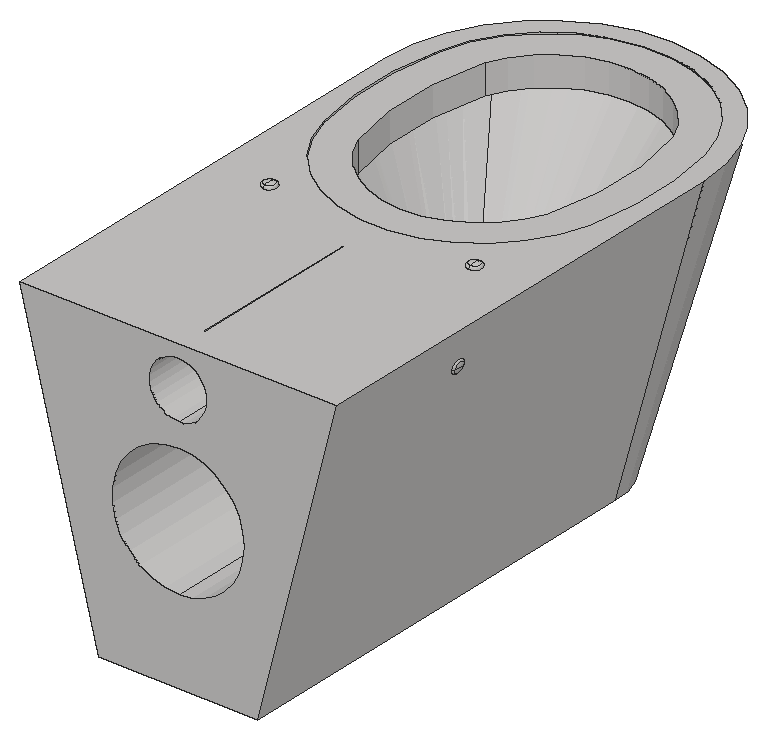
Revit family "DLB060014", category Appareils sanitaires, Revit 2015
Parameters (values of type "Type 1")
  Weight = "14.5kg"
  WarrantyDurationUnit = "10 years"
  WarrantyDescription = "Any manufacturing defect"
  Version = "v1"
  URL = "http://www.delabie.com"
  Radius (In) = 55 mm
  Radius (Out) = 100 mm
  Commentaires du type = "Wall-hung WC pan for people with reduced mobility"
  SerialNumber = "3456330153515"
  ProductInformation = "http://www.delabie.com/products/110710\r\n"
  NominalWidth = 700 mm
  NominalLength = 360 mm
  NominalHeight = 350 mm
  Name = "700 S WC pan"
  ModelNumber = "110710"
  Modèle = "700 S WC pan"
  Material = 304 stainless steel
  ManufacturerURL = "http://www.delabie.com"
  ManufacturerName = "DELABIE"
  Fabricant = "DELABIE"
  Grade = "CE"
  Finish = Polished satin
  Features  = "Wall-hung WC pan.\r\n700mm elongated pan for improved comfort for people with reduced mobility.\r\nCompatible with all standard frame systems available on the market.\r\nElegant and simple design.\r\nBacteriostatic 304 stainless steel.\r\nStainless steel thickness: 1.5mm.\r\nOne-piece pressed WC bowl, seam-free for easy maintenance and better hygiene.\r\nWC bowl surface is polished with rounded edges for easy cleaning.\r\nConcealed perimetral flushing rim.\r\nHorizontal water inlet: Ø 55mm.\r\nHorizontal waste outlet: Ø 100mm.\r\nWater saving: works with 4L or more of water.\r\nShrouded pan.\r\nPre-drilled holes for fixing the toilet seat. Supplied with stainless steel blanking caps when installed without toilet seat lid.\r\nQuick and easy to install from the front thanks to a stainless steel mounting frame.\r\nSupplied with fixing plate and 6 theft prevention TORX security screws.\r\nCE marked. Complies with European standard EN 997 for 4L flush.\r\nOptional toilet seat with or without lid.\r\nAvailable for through-the-wall installation in service ducts.\r\nWeight: 14.5kg."
  Description = "French manufacturer Delabie is a leader in the European sanitary ware market for non-domestic places. Water controls, solutions for disabled people, sanitary ware, for schools, leisure centres, offices, hospitals, airports…"
  Category = "WC"
  Assembly Code = ""
Reference planes
  plane 1: y = 0
  plane 2 "Center (Left/Right)": x = 125
  plane 3 "Back": y = 75
Text (mm)
  text "Placement side" at (-1787.139, 592.35, 0), in view "Ref. Level"
  text "Placement side" at (0, 1827.695, 2917.686), in view "Left"
  text "Placement side" at (0, 562.268, 3853.606), in view "Right"
Dimensions and locks
  locked: plane 3 "Back" to host wall at 0
  aligned and locked: host wall to plane 1
Nested families
  nested 1: "0112080001" at (125, 75, 500) x (-1, 0, 0) z (0, 1, 0), type "0112080001"
Connectors
  piping at (125, 75, 626.651), diameter 55, driven by "Radius (In)"
    settings: on nested 1, index 1, connector inside diameter 609.6 mm, connector length 0 mm, flow factor 0, pipe flow 0.0 L/s, pressure drop 0.0 Pa, fitting loss kfactor 0, connector angle 0.00°, fixture units 0, engagement length 0 mm, angle of deflection 0.00°, flow configuration 0, flow direction 1, fitting loss method 0, system type 7, joint type 0, gender type 0, connector reference index -1, connector utility 0, adjustable connector no, is connector primary yes, connector description "Alimentation"
  piping at (125, 75, 493.124), diameter 100, driven by "Radius (Out)"
    settings: on nested 1, index 2, connector inside diameter 609.6 mm, connector length 0 mm, flow factor 0, pipe flow 0.0 L/s, pressure drop 0.0 Pa, fitting loss kfactor 0, connector angle 0.00°, fixture units 0, engagement length 0 mm, angle of deflection 0.00°, flow configuration 0, flow direction 2, fitting loss method 0, system type 16, joint type 0, gender type 0, connector reference index -1, connector utility 0, adjustable connector no, is connector primary no, connector description "Evacuation"
Definition of nested family "0112080001"
  Parameters
    Default Elevation = 1000 mm
    Description = ""
    Type Comments = ""
    Model = ""
    Manufacturer = "DELABIE"
    URL = "http://www.delabie.fr/"
    Technologie = ""
    Radius = 0 mm
    Profondeur = "135 mm"
    Finition = none
    Lien notice d'installation = "http://www.delabie.com/products/0112080001"
    Lien fiche produit = "http://www.delabie.com/products/0112080001"
    Lien certification = "http://www.delabie.com/products/0112080001"
    Lien CCTP = "http://www.delabie.com/products/0112080001"
    Largeur = "305 mm"
    Features 9 = "Concealed perimetral flushing rim."
    Features 8 = "WC bowl surface is polished with rounded edges for easy cleaning."
    Features 7 = "One-piece pressed WC bowl, seam-free for easy maintenance and better hygiene."
    Features 6 = "Stainless steel thickness: 1.5mm."
    Features 5 = "Bacteriostatic 304 stainless steel."
    Features 4 = "Elegant and simple design."
    Features 3 = "Compatible with all standard frame systems available on the market."
    Features 21 = "Weight: 14.5kg."
    Features 20 = "Available for through-the-wall installation in service ducts."
    Features 2 = "700mm elongated pan for improved comfort for people with reduced mobility."
    Features 19 = "Optional toilet seat with or without lid."
    Features 18 = "CE marked. Complies with European standard EN 997 for 4L flush."
    Features 17 = "Supplied with fixing plate and 6 theft prevention TORX security screws."
    Features 16 = "Quick and easy to install from the front thanks to a stainless steel mounting frame."
    Features 15 = "Supplied with stainless steel blanking caps when installed without toilet seat lid."
    Features 14 = "Pre-drilled holes for fixing the toilet seat."
    Features 13 = "Shrouded pan."
    Features 12 = "Water saving: works with 4L or more of water."
    Features 11 = "Horizontal waste outlet: Ø 100mm."
    Features 10 = "Horizontal water inlet: Ø 55mm."
    Features 1 = "Wall-hung WC pan."
    Famille de produits = ""
    Débit = ""
    COBie_Weight = "14.5kg"
    COBie_WarrantyDurationUnit = "10 years"
    COBie_WarrantyDescription = "Any manufacturing defect"
    COBie_Version = "v1"
    COBie_SerialNumber = "3456330153515"
    COBie_ProductInformation = "http://www.delabie.com/products/0112080001"
    COBie_NominalWidth = "70cm"
    COBie_NominalLength = "36cm"
    COBie_NominalHeight = "35cm"
    COBie_Name = "700 S WC pan"
    COBie_ModelNumber = "0112080001"
    COBie_Material = "304 stainless steel"
    COBie_ManufacturerURL = "http://www.delabie.com"
    COBie_ManufacturerName = "DELABIE"
    COBie_Grade = "CE"
    COBie_Finish = "Polished satin"
    COBie_Description = "Wall-hung WC pan for people with reduced mobility"
    COBie_Category = "WC"
    Butée de température = ""
    Alimentation électrique = ""
  Reference planes
    plane 1 "Center (Front/Back)": y = 0
    plane 2: z = 0
    plane 3 "Center (Left/Right)": x = 0
  Forms (mm)
    Extrusion 1, solid
      sketch origin (0, 0, 0) x (1, 0, 0) y (0, 1, 0)
        loop
          line (-1219.2, 1219.2) -> (-1219.2, -1219.2) -> (1219.2, -1219.2) -> (1219.2, 1219.2) -> (-1219.2, 1219.2)
      from 0 to -304.8
  Dimensions and locks
    locked: nested 1 to level at 0
    aligned and locked: plane 2 to Extrusion 1
    aligned and locked: level to Extrusion 1
  Nested families
    nested 1: "0112080001a" at (0, -101.026, 161.092) x (0, -1, 0) z (0, 0, 1), type "0112080001a"
  Definition of nested family "0112080001a"
    Parameters
      Description = ""
      URL = ""
      Type Comments = ""
      Technologie = ""
      Radius = 0 mm
      Raccordement = ""
      Profondeur = ""
      Model = ""
      Finition = none
      Manufacturer = ""
      Lien notice d'installation = ""
      Lien fiche produit = ""
      Lien certification = ""
      Lien CCTP = ""
      Largeur = ""
      Hauteur = ""
      Famille de produits = ""
      Débit = ""
      Butée de température = ""
      Assembly Code = ""
      Alimentation = ""
    Reference planes
      plane 1 "Center (Front/Back)": y = 0
      plane 2: z = 0
      plane 3 "Center (Left/Right)": x = 0
    Forms (mm)
      SweptBlend 1, solid, material <- "Finition"
        path origin (75.653, 0, 277.705) x (0, 0, 1) y (-1, 0, 0)
          loop
            line (0, 349.858) -> (0, 0)
        profile origin (-274.205, 0, 277.705) x (0, 0, 1) y (0, -1, 0)
          loop
            arc (81.027, -180) -> (261.027, 0) -> (81.027, 180) r 180
            line (81.027, 180) -> (-438.797, 180) -> (-438.797, -180) -> (81.027, -180)
        end profile origin (75.653, 0, 277.705) x (0, 0, 1) y (0, -1, 0)
          loop
            arc (69.056, -90.39) -> (159.446, 0) -> (69.056, 90.39) r 90.39
            line (69.056, 90.39) -> (-438.797, 90.39) -> (-438.797, -90.39) -> (69.056, -90.39)
      Sweep 2, void
        path origin (75.653, 0, 277.705) x (0, 0, 1) y (-1, 0, 0)
          loop
            line (0, 350.242) -> (0, 348.358)
        profile origin (-273.647, 0, 277.705) x (0, 0, 1) y (0, -1, 0)
          loop
            arc (-43.633, 151.075) -> (-163.533, 0.389) -> (-44.392, -150.899) r 155.13
            arc (-44.392, -150.899) -> (38.108, -160.601) -> (120.608, -150.899) r 355.621
            arc (120.608, -150.899) -> (240.99, 0.088) -> (120.608, 151.075) r 154.877
            arc (120.608, 151.075) -> (38.487, 160.336) -> (-43.633, 151.075) r 368.714
      SweptBlend 3, void
        path origin (75.653, 0, 277.705) x (0, 0, 1) y (-1, 0, 0)
          loop
            line (0, 314.858) -> (0, 138.806)
        profile origin (-239.205, 0, 277.705) x (0, 0, 1) y (0, -1, 0)
          loop
            arc (-79.556, -119.06) -> (37.905, -144.375) -> (155.444, -119.424) r 287.236
            arc (155.444, -119.424) -> (223.065, -0.034) -> (155.444, 119.356) r 139.208
            arc (155.444, 119.356) -> (37.944, 143.818) -> (-79.556, 119.356) r 294.43
            arc (-79.556, 119.356) -> (-146.063, 0.148) -> (-79.556, -119.06) r 140.089
        end profile origin (-63.153, 0, 277.705) x (0, 0, 1) y (0, -1, 0)
          loop
            arc (-38.396, -39.88) -> (-3.802, -52.784) -> (30.345, -38.743) r 50.586
            arc (30.345, -38.743) -> (46.887, -0.001) -> (30.345, 38.74) r 53.636
            arc (30.345, 38.74) -> (-3.031, 48.723) -> (-36.407, 38.74) r 60.782
            arc (-36.407, 38.74) -> (-57.972, -0.05) -> (-38.396, -39.88) r 47.861
      Sweep 4, void
        path origin (75.653, 0, 277.705) x (0, 0, 1) y (-1, 0, 0)
          loop
            line (0, 348.358) -> (0, 314.858)
        profile origin (-255.955, 0, 277.705) x (0, 0, 1) y (0, -1, 0)
          loop
            arc (-49.787, -107.123) -> (39.786, -120.194) -> (129.358, -107.123) r 313.442
            arc (129.358, -107.123) -> (201.927, 0) -> (129.358, 107.123) r 115.35
            arc (129.358, 107.123) -> (39.527, 120.456) -> (-50.303, 107.123) r 309.286
            arc (-50.303, 107.123) -> (-123.788, -0.178) -> (-49.787, -107.123) r 114.678
      Sweep 5, void
        path origin (75.653, 0, 277.705) x (0, 0, 1) y (-1, 0, 0)
          loop
            line (-463.08, 168.761) -> (-138.08, 168.761)
        profile origin (-93.108, 0, -22.875) x (-1, 0, 0) y (0, -1, 0)
          loop
            circle (1.042, 0) r 75
      Sweep 6, void
        path origin (75.653, 0, 277.705) x (0, 0, 1) y (-1, 0, 0)
          loop
            line (-457.377, 307.206) -> (-182.377, 307.206)
        profile origin (-231.554, 0, -42.172) x (-1, 0, 0) y (0, -1, 0)
          loop
            circle (-3.876, 0) r 32.528
      Revolve 7, solid, material <- "Finition"
        sketch origin (75.653, -116.552, 277.705) x (0, 0, 1) y (-1, 0, 0)
          loop
            line (-163.973, 349.858) -> (-163.973, 353.358)
            arc (-163.973, 353.358) -> (-167.113, 353.112) -> (-170.176, 352.379) r 20.108
            arc (-170.176, 352.379) -> (-171.481, 351.414) -> (-171.941, 349.858) r 2.554
            line (-171.941, 349.858) -> (-163.973, 349.858)
          axis (-163.973, 349.858) -> (-163.973, 353.358)
        angle from 0 to 360
      Revolve 8, solid, material <- "Finition"
        sketch origin (75.653, 116.552, 277.705) x (0, 0, 1) y (1, 0, 0)
          loop
            line (-163.973, -349.858) -> (-171.941, -349.858)
            arc (-171.941, -349.858) -> (-171.481, -351.414) -> (-170.176, -352.379) r 2.554
            arc (-170.176, -352.379) -> (-167.113, -353.112) -> (-163.973, -353.358) r 20.108
            line (-163.973, -353.358) -> (-163.973, -349.858)
          axis (-163.973, -349.858) -> (-163.973, -353.358)
        angle from 0 to 360
      Revolve 9, solid, material <- "Finition"
        sketch origin (-317.356, 170.09, 186.809) x (0, 0, 1) y (0.2483, -0.968683, 0)
          loop
            line (-163.973, 349.858) -> (-163.973, 353.358)
            arc (-163.973, 353.358) -> (-167.113, 353.112) -> (-170.176, 352.379) r 20.108
            arc (-170.176, 352.379) -> (-171.481, 351.414) -> (-171.941, 349.858) r 2.554
            line (-171.941, 349.858) -> (-163.973, 349.858)
          axis (-163.973, 349.858) -> (-163.973, 353.358)
        angle from 0 to 360
      Revolve 10, solid, material <- "Finition"
        sketch origin (-317.356, -170.09, 186.809) x (0, 0, 1) y (-0.2483, -0.968683, 0)
          loop
            line (-163.973, -349.858) -> (-171.941, -349.858)
            arc (-171.941, -349.858) -> (-171.481, -351.414) -> (-170.176, -352.379) r 2.554
            arc (-170.176, -352.379) -> (-167.113, -353.112) -> (-163.973, -353.358) r 20.108
            line (-163.973, -353.358) -> (-163.973, -349.858)
          axis (-163.973, -349.858) -> (-163.973, -353.358)
        angle from 0 to 360
    Cuts and joins
      Sweep 2, SweptBlend 3, Sweep 4, Sweep 5, Sweep 6 cuts SweptBlend 1
